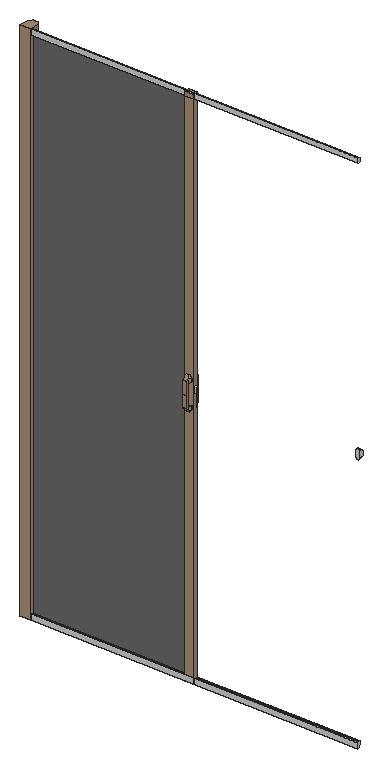
Revit family "Screen_Door_ProfessionalSeries_PhantomScreen", category Doors, host Wall, Revit 2016
Family settings
  Host = Wall
  OmniClass Number = 23.30.60.21
  OmniClass Title = Insect Screens
  Always vertical = Yes
  Cut with Voids When Loaded = No
  Shared = No
  Room Calculation Point = No
Parameters (values of type "Type as Specified")
  URL = "http://www.phantomscreens.com/"
  Track Height = 0' - 0.931"
  Track Depth = 0' - 0.511"
  Specification = "http://www.phantomscreens.com/architects-designers/specifications-binder/"
  Slide Bar Width = 0' - 1.732"
  Slide Bar Depth = 0' - 0.866"
  Slide Bar = Dark Cherry
  Screen Thickness = 0' - 0 1/32"
  Screen = Phifer TuffScreen No-See-Um – Charcoal
  Sales Information = "http://www.phantomscreens.com/support/"
  Revision = "R1_08-2016"
  Product Properties = "http://www.phantomscreens.com/drive/uploads/2015/03/Phantom-Door-Design-Specification-Assembled-View.pdf"
  Product Data = "http://www.arcat.com/arcatcos/cos9540/arc40535.html"
  Percent Open [instance] = 50
  Model = "Professional Series"
  Manufacturer Website = "http://www.phantomscreens.com/"
  Manufacturer Phone - Toll Free = ""
  Manufacturer Phone = "604-855-3654"
  Manufacturer Fax = "604-855-7834"
  Manufacturer Address = "30451 Simpson Rd.; Abbotsford; BC; Canada V2T 6C7"
  Manufacturer = "Phantom Screens"
  Keynote = "08 11 00"
  Installation-Fabrication = "http://www.phantomscreens.com/architects-designers/options/"
  Housing Width = 0' - 1 7/8"
  Housing Depth = 0' - 2 49/64"
  Handle Width = 0' - 1.266"
  Handle Height = 0' - 6.031"
  Handle Depth = 0' - 0 109/128"
  Function = Interior
  Height = 8' - 0"
  Wall Closure = By host
  Width = 5' - 0"
  Drawn By = "Sumex Design - Robert S Weygant"
  Door Opening [instance] = Width * (Percent Open / 100)  # 2' - 6"
  Description = "Phantom Screens Professional Series Screen"
  Copyright = "� 2016 ARCAT Inc."
  Construction Details = "http://www.arcat.com/details/phantoms/95prod3445.html"
  Assembly Code = "B2020400"
  Aluminum Track = Aluminum - Flat
  Aluminum Housing = Dark Cherry
Reference planes (in)
  plane 1 "Center (Front/Back)": y = 0
  plane 2 "Center (Left/Right)": x = -7.25
  plane 3 "Top": z = 96
  plane 4 "Exterior": y = 3
  plane 5 "Interior": y = -3
  plane 6: x = -39.125
  plane 7: y = 5.76563
  plane 8: z = 96.931
  plane 9: z = 0.931
  plane 10: y = 3.511
  plane 11: y = 3.866
  plane 12: y = 3.47975
  plane 13: x = -8.982
  plane 14 "Track Bar": x = -7.25
  plane 15: x = -37.25
  plane 16: y = 3.4485
  plane 17: y = 4.71756
  plane 18: x = 22.75
  plane 19: z = 47.5
  plane 20: z = 50.5155
  plane 21: z = 44.4845
  plane 22: x = -8.24596
  plane 23: x = -7.19182
  plane 24: z = 49.15629
  plane 25: z = 47.35152
Forms (in)
  Extrusion 1, solid, material "Dark Cherry" <- "Aluminum Housing"
    sketch origin (0, 0, 0) x (1, 0, 0) y (0, 1, 0)
      loop
        line (-38.59494, 5.24881) -> (-39.125, 4.71875) -> (-39.125, 3) -> (-37.25, 3) -> (-37.25, 4.71875) -> (-37.78006, 5.24881) -> (-38.59494, 5.24881)
    from 0 to 96.931
  Extrusion 2, solid, material "Aluminum - Flat" <- "Aluminum Track"
    sketch origin (0, 0, 0) x (0, 1, 0) y (0, 0, 1)
      loop
        line (3.11249, 96.931) -> (3, 96.931) -> (3, 96) -> (3.11249, 96) -> (3.11249, 96.6029) -> (3.3979, 96.6029) -> (3.3979, 96) -> (3.511, 96) -> (3.511, 96.71477) -> (3.11249, 96.71477) -> (3.11249, 96.931)
    from -37.25 to 22.75
  Extrusion 3, solid, material "Aluminum - Flat" <- "Aluminum Track"
    sketch origin (0, 0, 0) x (0, 1, 0) y (0, 0, 1)
      loop
        line (3.511, 0.931) -> (3.386, 0.931) -> (3.386, 0.4365) -> (3.125, 0.4365) -> (3.125, 0.931) -> (3, 0.931) -> (3, 0) -> (3.125, 0) -> (3.125, 0.315) -> (3.511, 0.315) -> (3.511, 0.931)
    from -37.25 to 22.75
  Extrusion 4, solid, material "Dark Cherry" <- "Slide Bar"
    sketch origin (0, 0, 0) x (1, 0, 0) y (0, 1, 0)
      loop
        line (-8.982, 3.866) -> (-8.982, 3) -> (-7.25, 3) -> (-7.25, 3.64791) -> (-7.50991, 3.866) -> (-8.982, 3.866)
    from 0 to 96
  Extrusion 5, solid, material "Phifer TuffScreen No-See-Um – Charcoal" <- "Screen"
    sketch origin (0, 0, 0) x (1, 0, 0) y (0, 1, 0)
      loop
        line (-37.25, 3.47975) -> (-37.25, 3.4485) -> (-8.982, 3.4485) -> (-8.982, 3.47975) -> (-37.25, 3.47975)
    from 0.931 to 96
  Extrusion 6, solid
    sketch origin (-7.25, 0, 0) x (0, 1, 0) y (0, 0, 1)
      loop
        arc (3, 47.81869) -> (3.03288, 47.73932) -> (3.11225, 47.70644) r 0.11225
        line (3.11225, 47.70644) -> (3.29841, 47.70644)
        arc (3.29841, 47.70644) -> (3.37778, 47.73932) -> (3.41065, 47.81869) r 0.11225
        line (3.41065, 47.81869) -> (3.41065, 48.74389)
        arc (3.41065, 48.74389) -> (3.37778, 48.82327) -> (3.29841, 48.85614) r 0.11225
        line (3.29841, 48.85614) -> (3.11225, 48.85614)
        arc (3.11225, 48.85614) -> (3.03288, 48.82327) -> (3, 48.74389) r 0.11225
        line (3, 48.74389) -> (3, 47.81869)
      loop
        circle (3.20533, 48.55983) r 0.0627
      loop
        circle (3.20533, 48.00276) r 0.0627
    from 0 to 0.05818
Text (in)
  text "Exterior" at (-62.02911, 27.31104, 0), in view "Ref. Level"
  text "Interior" at (-62.02911, -25.14366, 0), in view "Ref. Level"
  text "Exterior" at (0, 40.15149, 123.01588), in view "Right"
  text "Interior" at (0, -64.39139, 123.01588), in view "Right"
  text "Interior" at (0, -31.01599, 123.00693), in view "Left"
  text "Exterior" at (0, 54.57065, 123.00693), in view "Left"
Dimensions and locks (in)
  "Height": level to plane 3 "Top"
  "Housing Depth": plane 4 "Exterior" to plane 7
  "Track Height": plane 3 "Top" to plane 8
  "Track Height": level to plane 9
  "Track Depth": plane 10 to plane 4 "Exterior"
  "Slide Bar Depth": plane 11 to plane 4 "Exterior"
  "Screen Thickness": plane 10 to plane 12
  "Slide Bar Width": plane 13 to plane 14 "Track Bar"
  equal spacing: plane 15, plane 2 "Center (Left/Right)", plane 18
  "Screen Thickness": plane 16 to plane 12
  "Width": plane 15 to plane 18
  "Housing Width": plane 6 to plane 15
  "Door Opening": plane 14 "Track Bar" to plane 18
  equal spacing: plane 21, plane 19, plane 20
  "Handle Height": plane 21 to plane 20
  locked: plane 14 "Track Bar" to plane 22 at 0.99596
  locked: plane 23 to plane 14 "Track Bar" at 0.05818
  locked: Extrusion 1 to Extrusion 1 at 2.24881
  aligned and locked: plane 4 "Exterior" to host wall
  aligned and locked: plane 5 "Interior" to host wall
  aligned and locked: plane 6 to Extrusion 1 sketch curve
  aligned and locked: Extrusion 1 to level
  aligned and locked: Extrusion 1 to plane 8
  aligned and locked: plane 8 to Extrusion 1
  aligned and locked: Extrusion 2 sketch curve to plane 8
  aligned and locked: Extrusion 2 sketch curve to plane 10
  aligned and locked: Extrusion 2 sketch curve to host wall
  aligned and locked: Extrusion 3 sketch curve to plane 9
  aligned and locked: Extrusion 3 sketch curve to plane 10
  aligned and locked: Extrusion 3 sketch curve to host wall
  aligned and locked: Extrusion 3 to plane 9  (x2)
  aligned and locked: Extrusion 2 to plane 10
  aligned and locked: plane 11 to Extrusion 4 sketch curve
  aligned and locked: plane 13 to Extrusion 4 sketch curve
  aligned and locked: Extrusion 4 sketch curve to plane 4 "Exterior"
  aligned and locked: Extrusion 4 sketch curve to plane 14 "Track Bar"
  aligned and locked: Extrusion 4 to level
  aligned and locked: Extrusion 4 to plane 3 "Top"
  aligned and locked: plane 12 to Extrusion 5 sketch curve
  aligned and locked: Extrusion 5 sketch curve to plane 15
  aligned and locked: plane 16 to Extrusion 5 sketch curve
  aligned and locked: Extrusion 5 sketch curve to plane 13
  aligned and locked: Extrusion 5 to plane 3 "Top"
  aligned and locked: Extrusion 5 to Extrusion 3
  aligned and locked: plane 18 to Extrusion 2  (x2)
  aligned and locked: Extrusion 3 to plane 18
  aligned and locked: Extrusion 3 to level
  aligned and locked: Extrusion 3 to plane 15
  aligned and locked: plane 3 "Top" to Extrusion 2
  aligned and locked: Extrusion 2 to plane 8  (x2)
  aligned and locked: plane 15 to Extrusion 2
  aligned and locked: Extrusion 1 sketch curve to plane 4 "Exterior"
  aligned and locked: plane 22 to nested 1
  aligned and locked: plane 11 to nested 1
  aligned and locked: nested 2 to plane 22
  aligned and locked: nested 2 to Extrusion 4
  aligned and locked: plane 20 to nested 1
  aligned and locked: plane 20 to nested 2
  aligned and locked: plane 21 to nested 1
  aligned and locked: plane 21 to nested 2
  aligned and locked: nested 3 to Extrusion 4
  aligned and locked: nested 3 to plane 14 "Track Bar"
  aligned and locked: nested 3 to plane 13
  aligned and locked: Extrusion 6 sketch curve to Extrusion 4
  aligned and locked: Extrusion 6 to Extrusion 4
  aligned and locked: plane 23 to Extrusion 6
  aligned and locked: nested 4 to plane 24  (x2)
  aligned and locked: plane 18 to nested 4
  aligned and locked: plane 4 "Exterior" to nested 4
  aligned and locked: nested 3 to plane 11
  aligned and locked: plane 4 "Exterior" to nested 3
Automatic sketch dimensions
  Extrusion 4 sketch curve to plane 10 = 0' - 0.13691"
  Extrusion 4 sketch curve to Extrusion 4 sketch curve = 0' - 0.25991"
  plane 6 to Extrusion 1 sketch curve = 0' - 0.53006"
  Extrusion 1 sketch curve to plane 7 = 0' - 1 3/64"  (x2)
  plane 15 to Extrusion 1 sketch curve = 0' - 0.53006"
  plane 3 "Top" to Extrusion 2 sketch curve = 0' - 0"  (x2)
  host wall to Extrusion 2 sketch curve = 0' - 0.11249"  (x2)
  Extrusion 2 sketch curve to plane 16 = 0' - 0.0506"
  plane 8 to Extrusion 2 sketch curve = 0' - 0.3281"
  Extrusion 2 sketch curve to Extrusion 2 sketch curve = 0' - 0.11187"
  plane 9 to Extrusion 3 sketch curve = 0' - 0"
  host wall to Extrusion 3 sketch curve = 0' - 0 1/8"
  Extrusion 3 sketch curve to Extrusion 3 sketch curve = 0' - 0"
  Extrusion 3 sketch curve to plane 16 = 0' - 0 1/16"
  Extrusion 3 sketch curve to Extrusion 3 sketch curve = 0' - 0.1215"
  level to Extrusion 3 sketch curve = 0' - 0.315"
  Extrusion 1 sketch curve to plane 15 = 0' - 0"
  Extrusion 3 sketch curve to level = 0' - 0"
  host wall to Extrusion 6 sketch curve = 0' - 0.11225"
  Extrusion 6 sketch curve to Extrusion 6 sketch curve = 0' - 0.11225"
  host wall to Extrusion 6 sketch curve = 0' - 0.20533"  (x2)
  Extrusion 6 sketch curve to plane 16 = 0' - 0.15009"  (x2)
  Extrusion 6 sketch curve to plane 16 = 0' - 0.03785"
  Extrusion 6 sketch curve to plane 19 = 0' - 0.20644"
  Extrusion 6 sketch curve to Extrusion 6 sketch curve = 0' - 0.18406"  (x2)
  Extrusion 6 sketch curve to Extrusion 6 sketch curve = 0' - 0.55707"
  Extrusion 6 sketch curve to Extrusion 6 sketch curve = 0' - 0"
  Extrusion 1 sketch curve to plane 17 = 0' - 0 17/32"
  radius of Extrusion 6 sketch curve = 0' - 0.0627"  (x2)
Nested families (in)
  nested 1: "Handle Family" at (-8.24596, 4.29178, 47.5) x (-1, 0, 0) z (0, 0, 1), type "Handle Family"
    with Width 0' - 1.266", Height 0' - 6.031", Depth 0' - 0 109/128"
  nested 2: "Handle Family" at (-8.24596, 2.57422, 47.5), type "Handle Family"
    with Width 0' - 1.266", Height 0' - 6.031", Depth 0' - 0 109/128"
  nested 3: "End Caps" at (-8.21484, 3.1714, 96), type "End Caps"
  nested 4: "Magnetic Latch" at (22.75, 3.3125, 47.40629) x (-1, 0, 0) z (0, 0, 1), type "Magnetic Latch"
Definition of nested family "Handle Family"
  Parameters
    Width = 0' - 1 3/8"
    Height = 0' - 6 1/32"
    Handle = none
    Depth = 0' - 1"
  Reference planes (in)
    plane 1 "Center (Front/Back)": y = 0
    plane 2: z = 0
    plane 3 "Center (Left/Right)": x = 0
    plane 4: y = 0.5
    plane 5: x = 0.6875
    plane 6: y = -0.5
    plane 7: x = -0.6875
    plane 8: z = 3.01562
    plane 9: z = -3.01563
  Forms (in)
    Extrusion 1, solid, material <- "Handle"
      sketch origin (0, 0, 0) x (0, 1, 0) y (0, 0, 1)
        loop
          line (0.5, 3.01562) -> (0.25, 3.01562) -> (-0.5, 2.26562) -> (-0.5, 0) -> (-0.5, -2.26563) -> (0.25, -3.01563) -> (0.5, -3.01563) -> (0.5, -2.01563) -> (0, -2.01563) -> (-0.17678, -1.83885) -> (-0.17678, 0) -> (-0.17678, 1.83885) -> (0, 2.01562) -> (0.5, 2.01562) -> (0.5, 3.01562)
      from -0.6875 to 0.6875
    Extrusion 2, void
      sketch origin (0, 0, 0) x (1, 0, 0) y (0, 1, 0)
        loop
          line (-0.6875, 0.25) -> (-0.6875, -0.5) -> (-0.32322, -0.5) -> (-0.32322, -0.25861) -> (-0.6875, 0.25)
        loop
          line (0.32322, -0.25861) -> (0.32322, -0.5) -> (0.6875, -0.5) -> (0.6875, 0.25) -> (0.32322, -0.25861)
      from -3.01562 to 3.01562
    Extrusion 3, void
      sketch origin (0, 0, 0) x (1, 0, 0) y (0, 0, 1)
        loop
          line (-0.6875, 2.51563) -> (-0.25, 3.01563) -> (-0.6875, 3.01563) -> (-0.6875, 2.51563)
        loop
          line (0.6875, 2.51563) -> (0.6875, 3.01562) -> (0.25, 3.01562) -> (0.6875, 2.51563)
        loop
          line (-0.6875, -2.51562) -> (-0.6875, -3.01562) -> (-0.25, -3.01562) -> (-0.6875, -2.51562)
        loop
          line (0.6875, -2.51562) -> (0.25, -3.01562) -> (0.6875, -3.01562) -> (0.6875, -2.51562)
      from -0.5 to 0.5
  Cuts and joins
    Extrusion 2, Extrusion 3 cuts Extrusion 1
  Dimensions and locks (in)
    equal spacing: plane 7, plane 3 "Center (Left/Right)", plane 5
    equal spacing: plane 6, plane 1 "Center (Front/Back)", plane 4
    "Depth": plane 6 to plane 4
    "Width": plane 7 to plane 5
    equal spacing: plane 8, level, plane 9
    "Height": plane 8 to plane 9
    plane 1 "Center (Front/Back)" to Extrusion 1 = 0' - 0 1/2"
    aligned and locked: plane 2 to level
    aligned and locked: plane 7 to Extrusion 1
    aligned and locked: plane 5 to Extrusion 1
    aligned and locked: Extrusion 2 sketch curve to plane 6
    aligned and locked: plane 6 to Extrusion 2 sketch curve
    aligned and locked: plane 5 to Extrusion 2 sketch curve
    aligned and locked: Extrusion 2 sketch curve to plane 7
    aligned and locked: Extrusion 2 to plane 9
    aligned and locked: plane 8 to Extrusion 2
    aligned and locked: plane 4 to Extrusion 3
    aligned and locked: plane 6 to Extrusion 3
  Automatic sketch dimensions
    Extrusion 1 sketch curve to level = 0' - 0"  (x2)
    Extrusion 1 sketch curve to plane 1 "Center (Front/Back)" = 0' - 0"  (x2)
    Extrusion 1 sketch curve to plane 8 = 0' - 0"
    Extrusion 1 sketch curve to plane 4 = 0' - 0"  (x2)
    plane 1 "Center (Front/Back)" to Extrusion 1 sketch curve = 0' - 0.17678"
    Extrusion 1 sketch curve to Extrusion 1 sketch curve = 0' - 0 1/4"
    Extrusion 1 sketch curve to Extrusion 1 sketch curve = 0' - 1"
    Extrusion 1 sketch curve to Extrusion 1 sketch curve = 0' - 0.17678"  (x2)
    Extrusion 1 sketch curve to plane 8 = 0' - 1.17678"
    Extrusion 1 sketch curve to Extrusion 1 sketch curve = 0' - 0.42678"
    Extrusion 1 sketch curve to plane 9 = 0' - 0"
    Extrusion 1 sketch curve to plane 1 "Center (Front/Back)" = 0' - 0 1/4"
    plane 9 to Extrusion 1 sketch curve = 0' - 0 3/4"
    Extrusion 1 sketch curve to plane 6 = 0' - 0"
    Extrusion 2 sketch curve to plane 3 "Center (Left/Right)" = 0' - 0.32322"
    plane 3 "Center (Left/Right)" to Extrusion 2 sketch curve = 0' - 0.32322"
    plane 1 "Center (Front/Back)" to Extrusion 2 sketch curve = 0' - 0.25861"
    Extrusion 2 sketch curve to plane 1 "Center (Front/Back)" = 0' - 0 1/4"  (x2)
    Extrusion 2 sketch curve to Extrusion 2 sketch curve = 0' - 0.24139"
    plane 7 to Extrusion 3 sketch curve = 0' - 0"  (x2)
    Extrusion 3 sketch curve to plane 8 = 0' - 0"  (x2)
    Extrusion 3 sketch curve to plane 9 = 0' - 0"  (x2)
    Extrusion 3 sketch curve to plane 5 = 0' - 0"  (x2)
    Extrusion 3 sketch curve to plane 3 "Center (Left/Right)" = 0' - 0 1/4"  (x2)
    plane 3 "Center (Left/Right)" to Extrusion 3 sketch curve = 0' - 0 1/4"  (x2)
    plane 9 to Extrusion 3 sketch curve = 0' - 0 1/2"
    Extrusion 3 sketch curve to Extrusion 3 sketch curve = 0' - 0 1/2"
    Extrusion 3 sketch curve to plane 8 = 0' - 0 1/2"  (x2)
Definition of nested family "End Caps"
  Parameters
    End Caps = none
  Reference planes (in)
    plane 1 "Center (Front/Back)": y = 0
    plane 2: z = 0
    plane 3 "Center (Left/Right)": x = 0
    plane 4: y = 0.6946
    plane 5: x = 0.96484
    plane 6: y = -0.1714
    plane 7: x = -0.76716
    plane 8: z = 0.75
  Forms (in)
    Extrusion 1, solid, material <- "End Caps"
      sketch origin (0, 0, 0) x (1, 0, 0) y (0, 1, 0)
        loop
          line (-0.76716, 0.6946) -> (-0.76716, -0.1714) -> (0.96484, -0.1714) -> (0.96484, 0.47651) -> (0.70493, 0.6946) -> (-0.76716, 0.6946)
      from 0 to 0.75
  Lines and regions (in)
    model lines
      curve 1: line (-0.76716, 0.6946, 0) -> (0.70493, 0.6946, 0)
      curve 2: line (-0.76716, -0.1714, 0) -> (-0.76716, 0.6946, 0)
      curve 3: line (0.96484, -0.1714, 0) -> (-0.76716, -0.1714, 0)
      curve 4: line (0.96484, 0.47651, 0) -> (0.96484, -0.1714, 0)
      curve 5: line (0.96484, 0.47651, 0) -> (0.70493, 0.6946, 0)
  Dimensions and locks (in)
    aligned and locked: plane 2 to level
    aligned and locked: plane 8 to Extrusion 1
Definition of nested family "Magnetic Latch"
  Parameters
    Width = 0' - 0 5/8"
    Magnetic Latch = none
    Height = 0' - 1 3/4"
    Depth = 0' - 0 5/8"
  Reference planes (in)
    plane 1 "Center (Front/Back)": y = 0
    plane 2: z = 0
    plane 3 "Center (Left/Right)": x = 0
    plane 4: y = 0.3125
    plane 5: x = 0.3125
    plane 6: y = -0.3125
    plane 7: x = -0.3125
    plane 8: z = 1.75
    plane 9: z = 0.875
  Forms (in)
    Extrusion 1, solid, material <- "Magnetic Latch"
      sketch origin (0, 0, 0) x (1, 0, 0) y (0, 0, 1)
        loop
          line (-0.13921, 1.75) -> (-0.3125, 1.44985) -> (-0.3125, 0.30015) -> (-0.13921, 0) -> (0.13921, 0) -> (0.3125, 0.30015) -> (0.3125, 1.44985) -> (0.13921, 1.75) -> (-0.13921, 1.75)
      from -0.3125 to 0.3125
    Extrusion 2, void
      sketch origin (0, 0, 0) x (0, 1, 0) y (0, 0, 1)
        loop
          line (0.08177, 1.75) -> (-0.3125, 1.75) -> (-0.3125, 1.26184) -> (0.08177, 1.75)
        loop
          line (0.08177, 0) -> (-0.3125, 0.48816) -> (-0.3125, 0) -> (0.08177, 0)
      from -0.3125 to 0.3125
  Cuts and joins
    Extrusion 2 cuts Extrusion 1
  Dimensions and locks (in)
    equal spacing: plane 7, plane 3 "Center (Left/Right)", plane 5
    equal spacing: plane 4, plane 1 "Center (Front/Back)", plane 6
    "Depth": plane 7 to plane 5
    "Width": plane 4 to plane 6
    equal spacing: plane 8, plane 9, level
    "Height": plane 8 to level
    aligned and locked: plane 2 to level
    aligned and locked: Extrusion 1 sketch curve to plane 8
    aligned and locked: Extrusion 1 sketch curve to plane 7
    aligned and locked: level to Extrusion 1 sketch curve
    aligned and locked: Extrusion 1 sketch curve to plane 5
    aligned and locked: plane 4 to Extrusion 1
    aligned and locked: plane 6 to Extrusion 1
    aligned and locked: plane 7 to cut or joined group of Extrusion 1, Extrusion 2
    aligned and locked: plane 5 to Extrusion 2
  Automatic sketch dimensions
    Extrusion 1 sketch curve to plane 3 "Center (Left/Right)" = 0' - 0.13921"  (x2)
    plane 3 "Center (Left/Right)" to Extrusion 1 sketch curve = 0' - 0.13921"  (x2)
    level to Extrusion 1 sketch curve = 0' - 0.30015"  (x2)
    Extrusion 1 sketch curve to plane 8 = 0' - 0.30015"  (x2)
    Extrusion 2 sketch curve to level = 0' - 0"
    Extrusion 2 sketch curve to plane 6 = 0' - 0"  (x2)
    Extrusion 2 sketch curve to plane 8 = 0' - 0"
    Extrusion 2 sketch curve to plane 1 "Center (Front/Back)" = 0' - 0.08177"  (x2)
    level to Extrusion 2 sketch curve = 0' - 0.48816"
    Extrusion 2 sketch curve to Extrusion 2 sketch curve = 0' - 0.48816"
